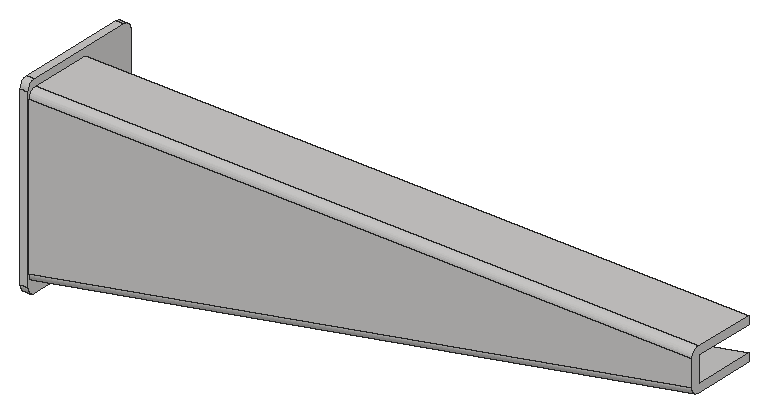
Revit family "Кронштейн", category Соединительные детали кабельных лотков, Revit 2015
Parameters (values of type "AW 15 21 VA4301")
  Wholesaler Art. No. = ""
  Wholesaler = ""
  Watermarked By = "http://3dvector-pro.ru/"
  Width 1 = 210.00 mm
  Width = Width 1  # 210 mm
  URL = "http://3dvector-pro.ru/sozdanie-semejstv-revit/"
  built-in parameter 1140111 [instance] = 2.50 mm  # 0.0082021 (stored number, unit not read)
  Stabu Code = ""
  Revit Version = "2014"  # constant formula
  MEPcontent Class = "кронштейн"  # constant formula
  Internal Art. No. = ""
  IFCExportType = "NOTDEFINED"  # constant formula
  IFCExportAs = "IfcCableCarrierFittingType"  # constant formula
  Function Code [instance] = ""
  Front Height = Height / 4  # 15.00 mm
  Family Version = "10.06"  # constant formula
  ETIM Article Class = ""
  EMCS Version = "2.0"  # constant formula
  Copyright = "3dvector-pro"  # constant formula
  Content Supplier URL = ""
  CB-NL Class = ""
  Article Type = ""
  Product Line = ""
  Model = ""
  Manufacturer = ""
  Custom [instance] = if(and(Width = 210.00 mm, Height = 60.00 mm), 1 = 0, 1 = 1)  # no
  Height 1 = 60.00 mm
  Height = Height 1  # 60 mm
  GTIN = ""
  Description = ""
  Depth = 40.00 mm
  Manufacturer URL = "http://3dvector-pro.ru/sozdanie-semejstv-revit/"
  Gray = Color RGB 189-187-185
  Manufacturer Art. No. = ""
  Article Description = ""
Reference planes
  plane 1 "Center (Front/Back)": y = 0
  plane 2: z = 0
  plane 3 "Center (Left/Right)": x = 0
  plane 4: y = 20
  plane 5: y = -20
  plane 6: x = 210
  plane 7: x = 2.5
  plane 8: z = 30
  plane 9: z = -30
  plane 10: z = -26
  plane 11: z = 15
  plane 12: y = -5
  plane 13: z = 28
Forms (mm)
  Extrusion 1, solid, material "Color RGB 189-187-185" <- "Gray", detail levels medium+fine
    sketch origin (0, 0, 0) x (0, 1, 0) y (0, 0, 1)
      loop
        line (17.5, 30) -> (-17.5, 30)
        arc (-17.5, 30) -> (-19.268, 29.268) -> (-20, 27.5) r 2.5
        line (-20, 27.5) -> (-20, -27.5)
        arc (-20, -27.5) -> (-19.268, -29.268) -> (-17.5, -30) r 2.5
        line (-17.5, -30) -> (17.5, -30)
        arc (17.5, -30) -> (19.268, -29.268) -> (20, -27.5) r 2.5
        line (20, -27.5) -> (20, 27.5)
        arc (20, 27.5) -> (19.268, 29.268) -> (17.5, 30) r 2.5
    from 0 to 2.5
  SweptBlend 2, solid, material "Color RGB 189-187-185" <- "Gray", detail levels medium+fine
    path origin (0, 0, 0) x (1, 0, 0) y (0, 0, 1)
      loop
        line (2.5, 0) -> (210, 0)
    profile origin (2.5, 0, 0) x (0, 0, 1) y (0, -1, 0)
      loop
        line (-26, -2) -> (-23.5, -2) -> (-23.5, 17.5) -> (25.5, 17.5) -> (25.5, -2) -> (28, -2) -> (28, 17.5)
        arc (28, 17.5) -> (27.268, 19.268) -> (25.5, 20) r 2.5
        line (25.5, 20) -> (-23.5, 20)
        arc (-23.5, 20) -> (-25.268, 19.268) -> (-26, 17.5) r 2.5
        line (-26, 17.5) -> (-26, -2)
    end profile origin (210, 0, 0) x (0, 0, 1) y (0, -1, 0)
      loop
        line (15, -2) -> (17.5, -2) -> (17.5, 17.5) -> (25.5, 17.5) -> (25.5, -2) -> (28, -2) -> (28, 17.5)
        arc (28, 17.5) -> (27.268, 19.268) -> (25.5, 20) r 2.5
        line (25.5, 20) -> (17.5, 20)
        arc (17.5, 20) -> (15.732, 19.268) -> (15, 17.5) r 2.5
        line (15, 17.5) -> (15, -2)
Lines and regions (mm)
  model lines, style "Fittings", detail levels coarse
    curve 1: line (0, 0, 28) -> (210, 0, 28)
    curve 2: line (0, 0, -30) -> (0, 0, 28)
Dimensions and locks
  equal spacing: plane 4, plane 1 "Center (Front/Back)", plane 5
  "Depth": plane 4 to plane 5
  "Width": plane 6 to plane 3 "Center (Left/Right)"
  locked: plane 7 to plane 3 "Center (Left/Right)" at 2.5
  "Height": plane 8 to plane 9
  equal spacing: plane 8, level, plane 9
  locked: plane 10 to plane 9 at 4
  locked: SweptBlend 2 sketch curve to plane 5 at 2.5  (x2)
  locked: SweptBlend 2 sketch curve to plane 10 at 2.5
  "Front Height": plane 8 to plane 11
  locked: SweptBlend 2 sketch curve to plane 11 at 2.5
  locked: plane 12 to plane 4 at 25
  locked: SweptBlend 2 sketch curve to SweptBlend 2 sketch curve at 2.5  (x2)
  locked: plane 8 to SweptBlend 2 sketch curve at 2  (x2)
  plane 4 to SweptBlend 2 sketch curve to SweptBlend 2 sketch curve = 18.00 mm locked, 0.00 mm locked
  locked: plane 4 to SweptBlend 2 sketch curve at 18  (x2)
  locked: plane 8 to plane 13 at 2
  radius of Extrusion 1 sketch curve = 2.50 mm  (x4)
  radius of SweptBlend 2 sketch curve = 2.50 mm  (x4)
  aligned and locked: level to plane 2
  aligned and locked: plane 8 to Extrusion 1 sketch curve
  aligned and locked: Extrusion 1 sketch curve to plane 4
  aligned and locked: Extrusion 1 sketch curve to plane 9
  aligned and locked: Extrusion 1 sketch curve to plane 5
  aligned and locked: plane 7 to Extrusion 1
  aligned and locked: plane 6 to SweptBlend 2 sketch curve
  aligned and locked: plane 7 to SweptBlend 2 sketch curve
  aligned and locked: SweptBlend 2 sketch curve to plane 2
  aligned and locked: plane 10 to SweptBlend 2 sketch curve
  aligned and locked: plane 5 to SweptBlend 2 sketch curve
  aligned and locked: curve 2 to Extrusion 1
  aligned and locked: plane 13 to curve 1
  aligned and locked: plane 9 to curve 2
Automatic sketch dimensions
  curve 1 to plane 6 = 0.00 mm
  SweptBlend 2 sketch curve to plane 11 = 0.00 mm
  SweptBlend 2 sketch curve to SweptBlend 2 sketch curve = 0.00 mm
